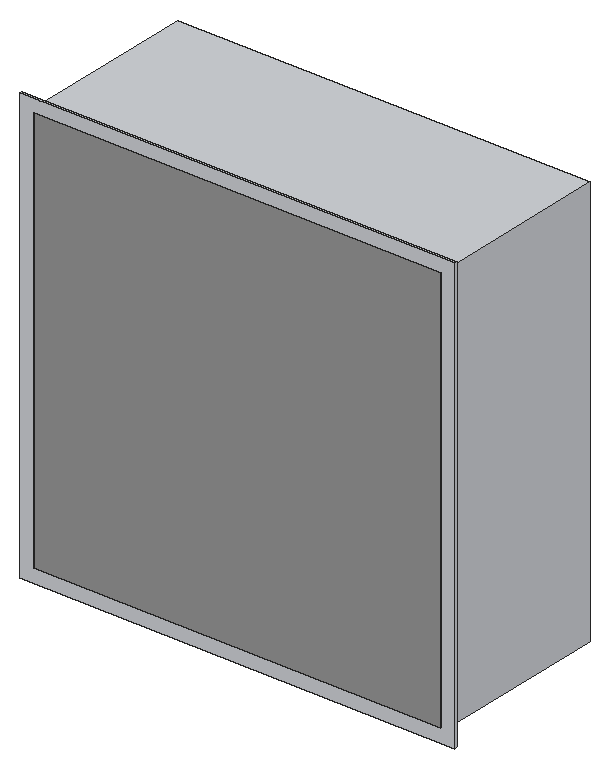
Revit family "MS-P-3", category Mechanical Equipment, Revit 2015
Parameters
  URL = "https://unitedenertech.com/catalog/pdf/K_6%20MS-P-3.pdf"
  Type Comments = "Consult Factory for Max. Sizes"
  Model = "MS-P-3"
  Manufacturer = "United Enertech Corporation"
  Length (16" Standard) = 1' - 4"
  Keynote = ""
  Exact Width = 3' - 0"
  Exact Height = 3' - 0"
  Description = "Maximum Security"
Reference planes (in)
  plane 1 "Center (Front/Back)": y = 0
  plane 2: z = 0
  plane 3 "Center (Left/Right)": x = 0
  plane 4: y = 0.1875
  plane 5: y = 16
  plane 6: x = -18
  plane 7: x = 18
  plane 8: z = 18
  plane 9: z = -18
  plane 10: x = -17.8125
  plane 11: z = 17.8125
  plane 12: x = -19
  plane 13: z = 19
  plane 14: x = 17.8125
  plane 15: x = 19
  plane 16: z = -17.8125
  plane 17: z = -19
  plane 18: z = 16.3125
  plane 19: z = -16.3125
  plane 20: x = -16.3125
  plane 21: x = 16.3125
  plane 22: z = -17.5625
  plane 23: x = -17.5625
  plane 24: x = 17.5625
  plane 25: z = 17.5625
  plane 26: y = 14.5
  plane 27: y = 15.75
  plane 28: y = 8
  plane 29: y = 11.5
  plane 30: y = 5.5
  plane 31: y = 10.5
  plane 32: y = 4.5
  plane 33: x = -17.3125
  plane 34: z = -17.3125
  plane 35: x = 17.3125
  plane 36: z = 17.3125
Forms (in)
  Extrusion 1, solid
    sketch origin (0, 0, 0) x (1, 0, 0) y (0, 0, 1)
      loop
        line (-18, -18) -> (18, -18) -> (18, 18) -> (-18, 18) -> (-18, -18)
      loop
        line (-17.8125, -17.8125) -> (17.8125, -17.8125) -> (17.8125, 17.8125) -> (-17.8125, 17.8125) -> (-17.8125, -17.8125)
    from -16 to -0.1875
  Extrusion 2, solid
    sketch origin (0, 0, 0) x (1, 0, 0) y (0, 0, 1)
      loop
        line (-19, -19) -> (19, -19) -> (19, 19) -> (-19, 19) -> (-19, -19)
      loop
        line (-17.8125, -17.8125) -> (17.8125, -17.8125) -> (17.8125, 17.8125) -> (-17.8125, 17.8125) -> (-17.8125, -17.8125)
    from -0.1875 to 0
  Extrusion 3, solid, material "Steel"
    sketch origin (0, 0, 0) x (1, 0, 0) y (0, 0, 1)
      loop
        line (-17.8125, -17.8125) -> (17.8125, -17.8125) -> (17.8125, 17.8125) -> (-17.8125, 17.8125) -> (-17.8125, -17.8125)
    from -0.1875 to 0
  Extrusion 4, solid
    sketch origin (0, 0, 0) x (1, 0, 0) y (0, 0, 1)
      loop
        line (-17.8125, -17.8125) -> (17.8125, -17.8125) -> (17.8125, 17.8125) -> (-17.8125, 17.8125) -> (-17.8125, -17.8125)
      loop
        line (-16.3125, -16.3125) -> (16.3125, -16.3125) -> (16.3125, 16.3125) -> (-16.3125, 16.3125) -> (-16.3125, -16.3125)
    from -16 to -15.75
  Extrusion 5, solid
    sketch origin (0, 0, 0) x (1, 0, 0) y (0, 0, 1)
      loop
        line (-17.8125, -17.8125) -> (17.8125, -17.8125) -> (17.8125, 17.8125) -> (-17.8125, 17.8125) -> (-17.8125, -17.8125)
      loop
        line (-17.5625, -17.5625) -> (17.5625, -17.5625) -> (17.5625, 17.5625) -> (-17.5625, 17.5625) -> (-17.5625, -17.5625)
    from -15.75 to -14.5
  Extrusion 6, solid
    sketch origin (0, 0, 0) x (1, 0, 0) y (0, 0, 1)
      loop
        line (-17.8125, -17.8125) -> (17.8125, -17.8125) -> (17.8125, 17.8125) -> (-17.8125, 17.8125) -> (-17.8125, -17.8125)
      loop
        line (-17.3125, -17.3125) -> (17.3125, -17.3125) -> (17.3125, 17.3125) -> (-17.3125, 17.3125) -> (-17.3125, -17.3125)
    from -11.5 to -10.5
  Extrusion 7, solid
    sketch origin (0, 0, 0) x (1, 0, 0) y (0, 0, 1)
      loop
        line (-17.8125, -17.8125) -> (17.8125, -17.8125) -> (17.8125, 17.8125) -> (-17.8125, 17.8125) -> (-17.8125, -17.8125)
      loop
        line (-17.3125, -17.3125) -> (17.3125, -17.3125) -> (17.3125, 17.3125) -> (-17.3125, 17.3125) -> (-17.3125, -17.3125)
    from -5.5 to -4.5
Dimensions and locks (in)
  locked: plane 1 "Center (Front/Back)" to plane 4 at 0.1875
  "Length (16" Standard)": plane 1 "Center (Front/Back)" to plane 5
  equal spacing: plane 6, plane 3 "Center (Left/Right)", plane 7
  "Exact Width": plane 6 to plane 7
  equal spacing: plane 8, level, plane 9
  "Exact Height": plane 8 to plane 9
  locked: plane 6 to plane 12 at 1
  locked: plane 6 to plane 10 at 0.1875
  locked: plane 14 to plane 7 at 0.1875
  locked: plane 7 to plane 15 at 1
  locked: plane 8 to plane 11 at 0.1875
  locked: plane 13 to plane 8 at 1
  locked: plane 16 to plane 9 at 0.1875
  locked: plane 9 to plane 17 at 1
  locked: plane 11 to plane 18 at 1.5
  locked: plane 19 to plane 16 at 1.5
  locked: plane 20 to plane 10 at 1.5
  locked: plane 21 to plane 14 at 1.5
  locked: plane 22 to plane 16 at 0.25
  locked: plane 23 to plane 10 at 0.25
  locked: plane 14 to plane 24 at 0.25
  locked: plane 11 to plane 25 at 0.25
  locked: plane 5 to plane 27 at 0.25
  locked: plane 5 to plane 26 at 1.5
  equal spacing: plane 1 "Center (Front/Back)", plane 28, plane 5
  locked: plane 31 to plane 28 at 2.5
  locked: plane 29 to plane 31 at 1
  locked: plane 28 to plane 30 at 2.5
  locked: plane 32 to plane 30 at 1
  locked: plane 25 to plane 36 at 0.25
  locked: plane 33 to plane 23 at 0.25
  locked: plane 35 to plane 24 at 0.25
  locked: plane 34 to plane 22 at 0.25
  aligned and locked: level to plane 2
  aligned and locked: plane 6 to Extrusion 1 sketch curve
  aligned and locked: plane 8 to Extrusion 1 sketch curve
  aligned and locked: Extrusion 1 sketch curve to plane 7
  aligned and locked: Extrusion 1 sketch curve to plane 9
  aligned and locked: plane 16 to Extrusion 1 sketch curve
  aligned and locked: Extrusion 1 sketch curve to plane 10
  aligned and locked: Extrusion 1 sketch curve to plane 14
  aligned and locked: plane 11 to Extrusion 1 sketch curve
  aligned and locked: plane 5 to Extrusion 1
  aligned and locked: Extrusion 1 to plane 4
  aligned and locked: Extrusion 2 sketch curve to plane 12
  aligned and locked: plane 13 to Extrusion 2 sketch curve
  aligned and locked: Extrusion 2 sketch curve to plane 15
  aligned and locked: plane 17 to Extrusion 2 sketch curve
  aligned and locked: plane 16 to Extrusion 2 sketch curve
  aligned and locked: Extrusion 2 sketch curve to plane 10
  aligned and locked: Extrusion 2 sketch curve to plane 14
  aligned and locked: plane 11 to Extrusion 2 sketch curve
  aligned and locked: plane 4 to Extrusion 2
  aligned and locked: plane 1 "Center (Front/Back)" to Extrusion 2
  aligned and locked: plane 11 to Extrusion 3 sketch curve
  aligned and locked: Extrusion 3 sketch curve to plane 14
  aligned and locked: Extrusion 3 sketch curve to plane 10
  aligned and locked: plane 16 to Extrusion 3 sketch curve
  aligned and locked: plane 4 to Extrusion 3
  aligned and locked: plane 1 "Center (Front/Back)" to Extrusion 3
  aligned and locked: Extrusion 4 sketch curve to plane 10
  aligned and locked: plane 16 to Extrusion 4 sketch curve
  aligned and locked: Extrusion 4 sketch curve to plane 14
  aligned and locked: plane 11 to Extrusion 4 sketch curve
  aligned and locked: plane 18 to Extrusion 4 sketch curve
  aligned and locked: plane 20 to Extrusion 4 sketch curve
  aligned and locked: Extrusion 4 sketch curve to plane 21
  aligned and locked: Extrusion 4 sketch curve to plane 19
  aligned and locked: plane 5 to Extrusion 4
  aligned and locked: Extrusion 4 to plane 27
  aligned and locked: Extrusion 5 sketch curve to plane 10
  aligned and locked: plane 16 to Extrusion 5 sketch curve
  aligned and locked: plane 23 to Extrusion 5 sketch curve
  aligned and locked: Extrusion 5 sketch curve to plane 22
  aligned and locked: Extrusion 5 sketch curve to plane 14
  aligned and locked: plane 24 to Extrusion 5 sketch curve
  aligned and locked: plane 11 to Extrusion 5 sketch curve
  aligned and locked: Extrusion 5 sketch curve to plane 25
  aligned and locked: plane 27 to Extrusion 5
  aligned and locked: Extrusion 5 to plane 26
  aligned and locked: Extrusion 6 sketch curve to plane 10
  aligned and locked: plane 16 to Extrusion 6 sketch curve
  aligned and locked: Extrusion 6 sketch curve to plane 14
  aligned and locked: plane 11 to Extrusion 6 sketch curve
  aligned and locked: Extrusion 6 sketch curve to plane 36
  aligned and locked: Extrusion 6 sketch curve to plane 33
  aligned and locked: Extrusion 6 sketch curve to plane 35
  aligned and locked: Extrusion 6 sketch curve to plane 34
  aligned and locked: plane 29 to Extrusion 6
  aligned and locked: Extrusion 6 to plane 31
  aligned and locked: plane 32 to Extrusion 7
  aligned and locked: Extrusion 7 to plane 30
Automatic sketch dimensions
  Extrusion 7 sketch curve to plane 10 = 0' - 0"
  Extrusion 7 sketch curve to plane 33 = 0' - 0"
  Extrusion 7 sketch curve to plane 34 = 0' - 0"
  plane 35 to Extrusion 7 sketch curve = 0' - 0"
  plane 14 to Extrusion 7 sketch curve = 0' - 0"
  Extrusion 7 sketch curve to plane 16 = 0' - 0"
  Extrusion 7 sketch curve to plane 36 = 0' - 0"
  Extrusion 7 sketch curve to plane 11 = 0' - 0"
